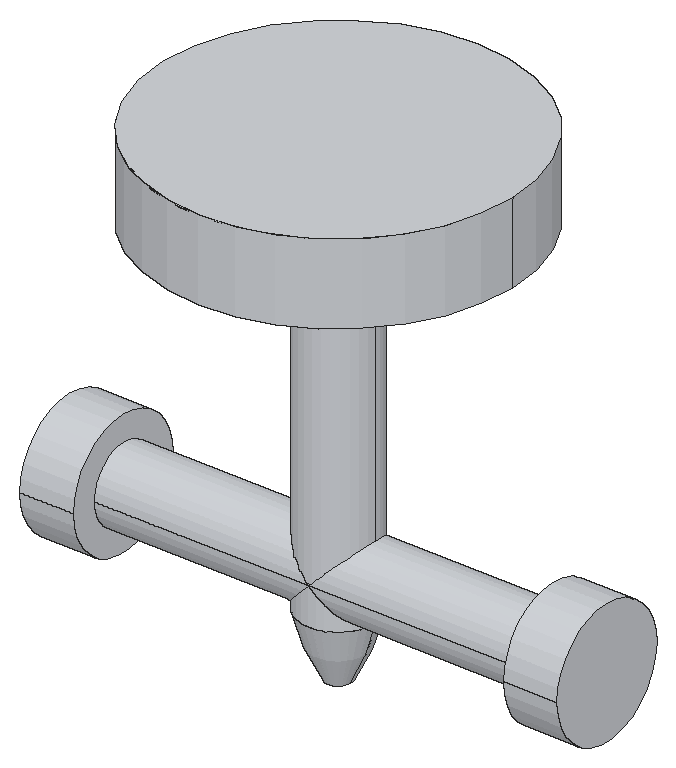
Revit family "M_Válvula de retenção - 10-100 mm - Rosqueado", category Acessórios do tubo, Revit 2019
Family settings
  Cota do conector redondo = Usar raio
  Tipo de parte = Válvula - Quebra entre
  Número OmniClass = 23.65.55.14.21
  Título OmniClass = Non-Return Valves for Liquid Services
  ID de item do Seek = Check Valve - 10-100 mm - Threaded-0000-CAN-ENU
  Com base no plano de trabalho = Não
  Sempre na vertical = Sim
  Corte com vazios quando carregada = Não
  Compartilhado = Não
Parameters (values of type "10 mm")
  Largura 1 = Largura do símbolo / 8  # 1.876 mm
  Material da válvula = none
  Largura do símbolo = 0.5 * Comprimento do corpo * tan(30.00°)  # 15.011 mm
  Raio nominal = 5 mm
  Diâmetro nominal = Raio nominal * 2  # 10 mm
  Comprimento 2 = Largura do símbolo / 2  # 7.506 mm
  Comprimento 1 = Raio do corpo / 3  # 1.2 mm
  K Coefficient = 0.35
  Altura 1 = 6 mm
  Espessura do recobrimento = 0.15 * Comprimento do corpo  # 7.8 mm
  Raio do recobrimento = Diâmetro do recobrimento / 2  # 16.9 mm
  Altura do recobrimento = 38 mm
  Diâmetro do recobrimento = 0.65 * Comprimento do corpo  # 33.8 mm
  Raio do corpo = Diâmetro do corpo / 2  # 3.6 mm
  Comprimento do corpo = 52 mm
  Diâmetro do corpo = 0.6 * Diâmetro do adaptador  # 7.2 mm
  Raio do adaptador = Diâmetro do adaptador / 2  # 6 mm
  Comprimento do adaptador = 0.1 * Comprimento do corpo  # 5.2 mm
  Diâmetro do adaptador = 1.2 * Diâmetro nominal  # 12 mm
Types (11, lengths in mm): name | Largura 1 | Largura do símbolo | Raio nominal | Diâmetro nominal | Comprimento 2 | Comprimento 1 | K Coefficient | Altura 1 | Espessura do recobrimento | Raio do recobrimento | Altura do recobrimento | Diâmetro do recobrimento | Raio do corpo | Comprimento do corpo | Diâmetro do corpo | Raio do adaptador | Comprimento do adaptador | Diâmetro do adaptador
  (no name) | 1.876 | 15.011 | 5 | 10 | 7.506 | 1.2 | 0.35 | 6 | 7.8 | 16.9 | 38 | 33.8 | 3.6 | 52 | 7.2 | 6 | 5.2 | 12
  100 mm | 6.64 | 53.116 | 50 | 100 | 26.558 | 12 | 0.21 | 32 | 27.6 | 59.8 | 114 | 119.6 | 36 | 184 | 72 | 60 | 18.4 | 120
  10 mm | 1.876 | 15.011 | 5 | 10 | 7.506 | 1.2 | 0.35 | 6 | 7.8 | 16.9 | 38 | 33.8 | 3.6 | 52 | 7.2 | 6 | 5.2 | 12
  20 mm | 2.165 | 17.321 | 10 | 20 | 8.66 | 2.4 | 0.32 | 6 | 9 | 19.5 | 43 | 39 | 7.2 | 60 | 14.4 | 12 | 6 | 24
  80 mm | 5.377 | 43.013 | 40 | 80 | 21.506 | 9.6 | 0.32 | 25 | 22.35 | 48.425 | 95 | 96.85 | 28.8 | 149 | 57.6 | 48 | 14.9 | 96
  50 mm | 3.897 | 31.177 | 25 | 50 | 15.588 | 6 | 0.25 | 19 | 16.2 | 35.1 | 73 | 70.2 | 18 | 108 | 36 | 30 | 10.8 | 60
  65 mm | 5.052 | 40.415 | 32.5 | 65 | 20.207 | 7.8 | 0.24 | 19 | 21 | 45.5 | 89 | 91 | 23.4 | 140 | 46.8 | 39 | 14 | 78
  15 mm | 2.057 | 16.454 | 7.5 | 15 | 8.227 | 1.8 | 0.32 | 6 | 8.55 | 18.525 | 38 | 37.05 | 5.4 | 57 | 10.8 | 9 | 5.7 | 18
  25 mm | 2.526 | 20.207 | 12.5 | 25 | 10.104 | 3 | 0.31 | 13 | 10.5 | 22.75 | 49 | 45.5 | 9 | 70 | 18 | 15 | 7 | 30
  32 mm | 2.995 | 23.96 | 16 | 32 | 11.98 | 3.84 | 0.3 | 13 | 12.45 | 26.975 | 56 | 53.95 | 11.52 | 83 | 23.04 | 19.2 | 8.3 | 38.4
  40 mm | 3.32 | 26.558 | 20 | 40 | 13.279 | 4.8 | 0.28 | 13 | 13.8 | 29.9 | 59 | 59.8 | 14.4 | 92 | 28.8 | 24 | 9.2 | 48
Reference planes
  plane 1 "Centro (Frente/Trás)": y = 0
  plane 2: z = 0
  plane 3 "Centro (Esquerda/Direita)": x = 0
  plane 4: x = -26
  plane 5: x = 26
  plane 6: x = -20.8
  plane 7: x = 20.8
  plane 8: z = 30.2
  plane 9: z = 38
  plane 10: z = -3.6
  plane 11: z = -9.6
  plane 12: x = -1.2
  plane 13: x = -3.6
  plane 14: y = 6
  plane 15: y = -6
  plane 16: y = 15.011
  plane 17: y = -15.011
  plane 18: y = 16.887
  plane 19: y = 18.764
  plane 20: x = 13.294
Forms (mm)
  Extrusion 1, solid, material <- "Material da válvula", detail levels fine
    sketch origin (0, 0, 0) x (0, 1, 0) y (0, 0, 1)
      loop
        circle (0, 0) r 3.6
    from -20.8 to 20.8
  Extrusion 2, solid, material <- "Material da válvula", detail levels fine
    sketch origin (0, 0, 0) x (0, 1, 0) y (0, 0, 1)
      loop
        circle (0, 0) r 6
    from -26 to -20.8
  Extrusion 3, solid, material <- "Material da válvula", detail levels fine
    sketch origin (0, 0, 0) x (0, 1, 0) y (0, 0, 1)
      loop
        circle (0, 0) r 6
    from 20.8 to 26
  Extrusion 4, solid, material <- "Material da válvula", detail levels fine
    sketch origin (0, 0, 0) x (1, 0, 0) y (0, 1, 0)
      loop
        circle (0, 0) r 3.6
    from -3.6 to 30.2
  Extrusion 5, solid, material <- "Material da válvula", detail levels fine
    sketch origin (0, 0, 0) x (1, 0, 0) y (0, 1, 0)
      loop
        circle (0, 0) r 16.9
    from 30.2 to 38
  Revolve 6, solid, material <- "Material da válvula", detail levels fine
    sketch origin (0, 0, 0) x (1, 0, 0) y (0, 0, 1)
      loop
        arc (-3.6, -3.6) -> (-2.626, -6.69) -> (-1.2, -9.6) r 21.597
        line (-1.2, -9.6) -> (0, -9.6) -> (0, -3.6) -> (-3.6, -3.6)
      axis (0, -3.6) -> (0, -9.6)
    angle from 0 to 360
Cuts and joins
  joined: Extrusion 1, Extrusion 2, Extrusion 3, Extrusion 4, Extrusion 5, Revolve 6
Lines and regions (mm)
  model lines, detail levels coarse+medium
    curve 1: line (-26, 15.011, 0) -> (26, -15.011, 0)
    curve 2: line (-26, 15.011, 0) -> (-26, -15.011, 0)
    curve 3: line (26, 15.011, 0) -> (26, -15.011, 0)
    curve 4: line (-20.8, 16.887, 0) -> (20.8, 16.887, 0)
    curve 5: line (20.8, 16.887, 0) -> (13.294, 18.764, 0)
    curve 6: line (13.294, 18.764, 0) -> (13.294, 16.887, 0)
Dimensions and locks
  equal spacing: plane 4, plane 3 "Centro (Esquerda/Direita)", plane 5
  "Comprimento do corpo": plane 4 to plane 5
  "Comprimento do adaptador": plane 4 to plane 6
  "Comprimento do adaptador": plane 7 to plane 5
  "Espessura do recobrimento": plane 9 to plane 8
  "Altura do recobrimento": plane 9 to plane 2
  "Raio do corpo": plane 2 to plane 10
  "Altura 1": plane 10 to plane 11
  "Comprimento 1": plane 3 "Centro (Esquerda/Direita)" to plane 12
  "Raio do corpo": plane 3 "Centro (Esquerda/Direita)" to plane 13
  "Raio do adaptador": plane 14 to plane 1 "Centro (Frente/Trás)"
  "Raio do adaptador": plane 1 "Centro (Frente/Trás)" to plane 15
  "Largura do símbolo": plane 16 to plane 1 "Centro (Frente/Trás)"
  "Largura do símbolo": plane 1 "Centro (Frente/Trás)" to plane 17
  "Largura 1": plane 18 to plane 16
  "Largura 1": plane 19 to plane 18
  "Comprimento 2": plane 20 to plane 7
  "Raio do corpo": radius of Extrusion 1 sketch curve
  "Raio do adaptador": radius of Extrusion 2 sketch curve
  "Raio do adaptador": radius of Extrusion 3 sketch curve
  "Raio do corpo": radius of Extrusion 4 sketch curve
  "Raio do recobrimento": radius of Extrusion 5 sketch curve
  aligned and locked: plane 2 to Extrusion 1 sketch curve
  aligned and locked: plane 1 "Centro (Frente/Trás)" to Extrusion 1 sketch curve
  aligned and locked: Extrusion 1 to plane 6
  aligned and locked: plane 7 to Extrusion 1
  aligned and locked: plane 2 to Extrusion 2 sketch curve
  aligned and locked: plane 1 "Centro (Frente/Trás)" to Extrusion 2 sketch curve
  aligned and locked: Extrusion 2 to plane 4
  aligned and locked: plane 6 to Extrusion 2
  aligned and locked: plane 2 to Extrusion 3 sketch curve
  aligned and locked: plane 1 "Centro (Frente/Trás)" to Extrusion 3 sketch curve
  aligned and locked: Extrusion 3 to plane 7
  aligned and locked: plane 5 to Extrusion 3
  aligned and locked: plane 1 "Centro (Frente/Trás)" to Extrusion 4 sketch curve
  aligned and locked: plane 3 "Centro (Esquerda/Direita)" to Extrusion 4 sketch curve
  aligned and locked: Extrusion 4 to plane 10
  aligned and locked: plane 8 to Extrusion 4
  aligned and locked: plane 1 "Centro (Frente/Trás)" to Extrusion 5 sketch curve
  aligned and locked: plane 3 "Centro (Esquerda/Direita)" to Extrusion 5 sketch curve
  aligned and locked: Extrusion 5 to plane 8
  aligned and locked: plane 9 to Extrusion 5
  aligned and locked: plane 3 "Centro (Esquerda/Direita)" to Revolve 6 sketch curve  (x2)
  aligned and locked: plane 13 to Revolve 6 sketch curve
  aligned and locked: Revolve 6 sketch curve to plane 10
  aligned and locked: plane 12 to Revolve 6 sketch curve
  aligned and locked: Revolve 6 sketch curve to plane 11
  aligned and locked: plane 10 to Revolve 6 sketch curve
  aligned and locked: plane 11 to Revolve 6 sketch curve
  aligned and locked: Revolve 6 sketch curve to plane 3 "Centro (Esquerda/Direita)"
  aligned and locked: plane 16 to curve 1
  aligned and locked: plane 17 to curve 1
  aligned and locked: plane 5 to curve 1
  aligned and locked: plane 17 to curve 2
  aligned and locked: curve 2 to plane 4
  aligned and locked: plane 16 to curve 3
  aligned and locked: curve 3 to plane 5
  aligned and locked: plane 6 to curve 4
  aligned and locked: plane 7 to curve 4
  aligned and locked: curve 4 to plane 18
  aligned and locked: plane 19 to curve 5
  aligned and locked: plane 18 to curve 6
  aligned and locked: plane 20 to curve 6
Automatic sketch dimensions
  plane 10 to Revolve 6 sketch curve = 4.931 mm
  Revolve 6 sketch curve to Revolve 6 sketch curve = 4.888 mm
  Revolve 6 sketch curve to Revolve 6 sketch curve = 8.304 mm
Connectors
  piping at (-26, 0, 0), diameter 10, driven by "Raio nominal"
    settings: on cut or joined group of Extrusion 1, Extrusion 2, Extrusion 3, Extrusion 4, Extrusion 5, Revolve 6, index 1, connector inside diameter 10 mm, connector length 0 mm, flow factor 0, pipe flow 0.0 L/s, pressure drop 0.0 Pa, fitting loss kfactor 0, connector angle 0.00°, fixture units 0, engagement length 0 mm, angle of deflection 0.00°, flow configuration 0, flow direction 1, fitting loss method 2, system type 29, joint type 0, gender type 0, connector reference index 2, connector utility 0, adjustable connector no, is connector primary yes, connector description "In"
  piping at (26, 0, 0), diameter 10, driven by "K Coefficient", driven by "Raio nominal"
    settings: on cut or joined group of Extrusion 1, Extrusion 2, Extrusion 3, Extrusion 4, Extrusion 5, Revolve 6, index 2, connector inside diameter 10 mm, connector length 0 mm, flow factor 0, pipe flow 0.0 L/s, pressure drop 0.0 Pa, fitting loss kfactor 0.35, connector angle 0.00°, fixture units 0, engagement length 0 mm, angle of deflection 0.00°, flow configuration 0, flow direction 2, fitting loss method 2, system type 29, joint type 0, gender type 0, connector reference index 1, connector utility 0, adjustable connector no, is connector primary no, connector description "Saída"
